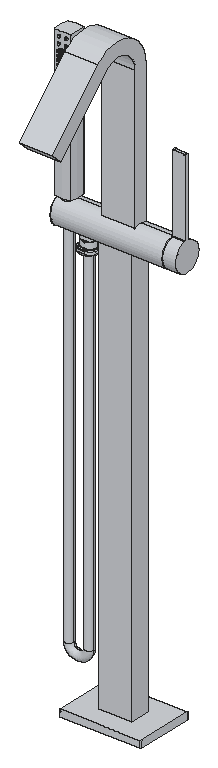
Revit family "Faucet-Bath_Filler-KOHLER-LOURE-K-8147T", category Plumbing Fixtures, host Face, Revit 2017 (continued)
Definition of nested family "K-8147T"
  Automatic sketch dimensions
    Extrusion 14 sketch curve to plane 17 "1" = 0.11675"  (x11)
    Extrusion 14 sketch curve to plane 17 "1" = 0.12403"
    Extrusion 14 sketch curve to plane 10 = 0.12447"  (x2)
    Extrusion 14 sketch curve to Extrusion 14 sketch curve = 0.12091"  (x17)
    Extrusion 14 sketch curve to Extrusion 14 sketch curve = 0.12127"  (x6)
    Extrusion 14 sketch curve to Extrusion 14 sketch curve = 0.13503"  (x2)
    Extrusion 14 sketch curve to Extrusion 14 sketch curve = 0.1333"  (x2)
    Extrusion 14 sketch curve to Extrusion 14 sketch curve = 0.12732"  (x2)
    plane 10 to Extrusion 14 sketch curve = 0.01143"
    plane 10 to Extrusion 14 sketch curve = 0.13235"  (x2)
    Extrusion 14 sketch curve to Extrusion 14 sketch curve = 0.13705"  (x2)
    Extrusion 14 sketch curve to Extrusion 14 sketch curve = 0.13741"
    Extrusion 14 sketch curve to Extrusion 14 sketch curve = 0.13548"  (x2)
    Extrusion 14 sketch curve to Extrusion 14 sketch curve = 0.13583"
    Extrusion 14 sketch curve to Extrusion 14 sketch curve = 0.13488"  (x2)
    Extrusion 14 sketch curve to Extrusion 14 sketch curve = 0.13523"
    Extrusion 14 sketch curve to Extrusion 14 sketch curve = 0.13406"  (x2)
    Extrusion 14 sketch curve to Extrusion 14 sketch curve = 0.13442"
    Extrusion 14 sketch curve to Extrusion 14 sketch curve = 0.13455"  (x2)
    Extrusion 14 sketch curve to Extrusion 14 sketch curve = 0.13491"
    Extrusion 14 sketch curve to Extrusion 14 sketch curve = 0.13465"  (x2)
    Extrusion 14 sketch curve to Extrusion 14 sketch curve = 0.13501"
    Extrusion 14 sketch curve to Extrusion 14 sketch curve = 0.13075"  (x2)
    Extrusion 14 sketch curve to Extrusion 14 sketch curve = 0.13111"
    Masking region 1 sketch curve to plane 21 = 0"  (x2)
    Masking region 1 sketch curve to plane 4 = 0"  (x2)
    plane 7 to Masking region 1 sketch curve = 0"  (x2)
    Masking region 1 sketch curve to plane 6 = 0"
    Masking region 1 sketch curve to plane 3 "Center (Left/Right)" = 0"
    plane 3 "Center (Left/Right)" to Masking region 1 sketch curve = 1.04331"
    Masking region 1 sketch curve to plane 5 = 0"  (x2)
    plane 1 "Center (Front/Back)" to Masking region 1 sketch curve = 0"
    Masking region 1 sketch curve to plane 20 = 0"
    Masking region 1 sketch curve to Masking region 1 sketch curve = 0.02087"  (x3)
    plane 4 to Masking region 1 sketch curve = 0.03937"
    Masking region 1 sketch curve to Masking region 1 sketch curve = 0.03937"  (x3)
    Masking region 1 sketch curve to plane 1 "Center (Front/Back)" = 0"
    Masking region 1 sketch curve to plane 3 "Center (Left/Right)" = 0.67282"
    plane 26 to Masking region 1 sketch curve = 0.25591"  (x2)
    Masking region 1 sketch curve to Masking region 1 sketch curve = 0.01969"  (x2)
    plane 20 to Masking region 1 sketch curve = 0.02087"
    plane 16 to Masking region 1 sketch curve = 0.35435"
    plane 16 to Masking region 1 sketch curve = 0.35433"
    Masking region 1 sketch curve to Masking region 1 sketch curve = 0"  (x2)
    Masking region 1 sketch curve to Masking region 1 sketch curve = 0.03121"
    Masking region 1 sketch curve to plane 16 = 0.04118"
    plane 15 to Masking region 1 sketch curve = 0.32313"
    plane 15 to Masking region 1 sketch curve = 0.33346"
    plane 15 to Masking region 1 sketch curve = 0.33348"
    Masking region 1 sketch curve to plane 12 = 0.30779"
    Masking region 1 sketch curve to plane 3 "Center (Left/Right)" = 1.04331"
    Masking region 2 sketch curve to plane 13 = 0"  (x2)
    Masking region 2 sketch curve to plane 23 = 0"
    Masking region 2 sketch curve to plane 21 = 0"
    plane 24 to Masking region 2 sketch curve = 0"
    Masking region 2 sketch curve to level = 0"
    Masking region 2 sketch curve to plane 4 = 0"
    plane 5 to Masking region 2 sketch curve = 0"
    Masking region 2 sketch curve to plane 18 = 0"
    plane 20 to Masking region 2 sketch curve = 0"
    Masking region 2 sketch curve to plane 14 = 0"
    plane 21 to Masking region 2 sketch curve = 0.05568"
    plane 21 to Masking region 2 sketch curve = 0.05906"
    Masking region 2 sketch curve to Masking region 2 sketch curve = 0.06091"
    Masking region 2 sketch curve to Masking region 2 sketch curve = 0.0057"
    Masking region 2 sketch curve to Masking region 2 sketch curve = 0.03206"
    plane 21 to Masking region 2 sketch curve = 0.23622"
    plane 17 "1" to Masking region 2 sketch curve = 0.05588"
    Masking region 2 sketch curve to plane 17 "1" = 0.27559"
    plane 24 to Masking region 2 sketch curve = 0.13615"
    Masking region 2 sketch curve to plane 13 = 0.0315"  (x2)
    plane 24 to Masking region 2 sketch curve = 0.13042"
    Masking region 2 sketch curve to plane 24 = 0.08858"
    Masking region 2 sketch curve to Masking region 2 sketch curve = 0"  (x5)
    Masking region 2 sketch curve to plane 24 = 0.09257"
    Masking region 2 sketch curve to Masking region 2 sketch curve = 0.02462"  (x2)
    Masking region 2 sketch curve to Masking region 2 sketch curve = 0.01475"  (x4)
    Masking region 2 sketch curve to Masking region 2 sketch curve = 0.03937"  (x3)
    Masking region 2 sketch curve to Masking region 2 sketch curve = 0.06785"  (x3)
    Masking region 2 sketch curve to plane 4 = 0.09055"
    Masking region 2 sketch curve to Masking region 2 sketch curve = 0.02431"  (x3)
    Masking region 2 sketch curve to plane 4 = 0.02564"
    plane 4 to Masking region 2 sketch curve = 0.01706"
    Masking region 2 sketch curve to Masking region 2 sketch curve = 0.03933"
    Masking region 2 sketch curve to plane 19 = 0.43903"
    Masking region 2 sketch curve to Masking region 2 sketch curve = 0.0406"
    plane 8 to Masking region 2 sketch curve = 0.00119"
    Masking region 2 sketch curve to plane 3 "Center (Left/Right)" = 1.04331"  (x2)
    level to Masking region 2 sketch curve = 0.43307"
    plane 3 "Center (Left/Right)" to Masking region 2 sketch curve = 1.04331"  (x2)
    plane 5 to Masking region 2 sketch curve = 0.05639"
    plane 5 to Masking region 2 sketch curve = 0.01706"
    plane 26 to Masking region 2 sketch curve = 0.25591"  (x2)
    Masking region 2 sketch curve to plane 18 = 0.05906"
    plane 26 to Masking region 2 sketch curve = 0.27559"
    Masking region 2 sketch curve to Masking region 2 sketch curve = 0.01969"  (x3)
    plane 20 to Masking region 2 sketch curve = 0.40533"
    Masking region 2 sketch curve to Masking region 2 sketch curve = 0.05906"
    plane 20 to Masking region 2 sketch curve = 0.02362"
    level to Masking region 2 sketch curve = 0.3937"
    Masking region 2 sketch curve to Masking region 2 sketch curve = 0.0017"
    Masking region 2 sketch curve to Masking region 2 sketch curve = 2.76352"
    Masking region 2 sketch curve to Masking region 2 sketch curve = 0.00033"
    Masking region 2 sketch curve to plane 11 = 1.90508"
    Masking region 2 sketch curve to Masking region 2 sketch curve = 0.16033"
    Masking region 2 sketch curve to Masking region 2 sketch curve = 0.16921"  (x2)
    Masking region 2 sketch curve to Masking region 2 sketch curve = 0.03337"  (x2)
    Masking region 2 sketch curve to Masking region 2 sketch curve = 0.34252"  (x2)
    Masking region 2 sketch curve to Masking region 2 sketch curve = 0.05578"  (x2)
    Masking region 2 sketch curve to plane 11 = 0.90553"
    Masking region 2 sketch curve to Masking region 2 sketch curve = 0.1063"  (x2)
    Masking region 2 sketch curve to plane 11 = 0.90551"
    Masking region 2 sketch curve to Masking region 2 sketch curve = 0.03121"
    Masking region 2 sketch curve to Masking region 2 sketch curve = 0.00206"
    Masking region 2 sketch curve to Masking region 2 sketch curve = 0.03639"
    Masking region 2 sketch curve to Masking region 2 sketch curve = 0.06093"
    Masking region 2 sketch curve to plane 13 = 0.15133"
    Masking region 2 sketch curve to Masking region 2 sketch curve = 0.0312"
    Masking region 2 sketch curve to plane 13 = 0.0374"
    plane 21 to Masking region 2 sketch curve = 0.00023"
    Masking region 2 sketch curve to Masking region 2 sketch curve = 0.07553"
    curve 118 to curve 119 = 0"  (x2)
    curve 118 to curve 260 = 0"  (x2)
    curve 118 to curve 261 = 0"  (x2)
    curve 120 to curve 121 = 0"  (x2)
    curve 120 to curve 272 = 0"  (x2)
    curve 120 to curve 274 = 0"  (x2)
    curve 122 to curve 123 = 0"  (x2)
    curve 122 to curve 268 = 0"  (x2)
    curve 122 to curve 270 = 0"  (x2)
    curve 124 to curve 125 = 0"  (x2)
    curve 124 to curve 256 = 0"  (x2)
    curve 124 to curve 257 = 0"  (x2)
    curve 126 to curve 127 = 0"  (x2)
    curve 126 to curve 264 = 0"  (x2)
    curve 126 to curve 265 = 0"  (x2)
    curve 128 to curve 129 = 0"  (x2)
    curve 128 to curve 276 = 0"  (x2)
    curve 128 to curve 277 = 0"  (x2)
    curve 130 to curve 131 = 0"  (x2)
    curve 130 to curve 300 = 0"  (x2)
    curve 130 to curve 302 = 0"  (x2)
    curve 132 to curve 133 = 0"  (x2)
    curve 132 to curve 288 = 0"  (x2)
    curve 132 to curve 289 = 0"  (x2)
    curve 134 to curve 135 = 0"  (x2)
    curve 134 to curve 280 = 0"  (x2)
    curve 134 to curve 282 = 0"  (x2)
    curve 136 to curve 137 = 0"  (x2)
    curve 136 to curve 284 = 0"  (x2)
    curve 136 to curve 286 = 0"  (x2)
    curve 138 to curve 139 = 0"  (x2)
    curve 138 to curve 296 = 0"  (x2)
    curve 138 to curve 297 = 0"  (x2)
    curve 140 to curve 141 = 0"  (x2)
    curve 140 to curve 304 = 0"  (x2)
    curve 140 to curve 305 = 0"  (x2)
    curve 142 to curve 143 = 0"  (x2)
    curve 142 to curve 308 = 0"  (x2)
    curve 142 to curve 309 = 0"  (x2)
    curve 144 to curve 145 = 0"  (x2)
    curve 144 to curve 292 = 0"  (x2)
    curve 144 to curve 293 = 0"  (x2)
    curve 146 to curve 147 = 0"  (x2)
    curve 146 to curve 312 = 0"  (x2)
    curve 146 to curve 313 = 0"  (x2)
    curve 148 to curve 149 = 0"  (x2)
    curve 148 to curve 316 = 0"
    curve 148 to curve 317 = 0"  (x2)
    curve 148 to curve 354 = 0"
    curve 148 to curve 355 = 0"
    curve 150 to curve 151 = 0"  (x2)
    curve 150 to curve 318 = 0"  (x2)
    curve 150 to curve 319 = 0"
    curve 150 to curve 366 = 0"
    curve 150 to curve 368 = 0"
    curve 152 to curve 153 = 0"  (x2)
    curve 152 to curve 320 = 0"
    curve 152 to curve 321 = 0"
    curve 152 to curve 362 = 0"
    curve 152 to curve 364 = 0"
    curve 153 to curve 362 = 0"
    curve 154 to curve 155 = 0"  (x2)
    curve 154 to curve 322 = 0"  (x2)
    curve 154 to curve 323 = 0"
    curve 154 to curve 350 = 0"
    curve 154 to curve 351 = 0"
    curve 156 to curve 157 = 0"  (x2)
    curve 156 to curve 324 = 0"  (x2)
    curve 156 to curve 325 = 0"
    curve 156 to curve 358 = 0"
    curve 156 to curve 359 = 0"
    curve 158 to curve 159 = 0"  (x2)
    curve 160 to curve 161 = 0"  (x2)
    curve 162 to curve 163 = 0"  (x2)
    curve 164 to curve 165 = 0"  (x2)
    curve 166 to curve 167 = 0"  (x2)
    curve 168 to curve 169 = 0"  (x2)
    curve 170 to curve 171 = 0"  (x2)
    curve 172 to curve 173 = 0"  (x2)
    curve 174 to curve 175 = 0"  (x2)
    curve 176 to curve 177 = 0"  (x2)
    curve 178 to curve 179 = 0"  (x2)
    curve 178 to curve 410 = 0"
    curve 178 to curve 411 = 0"
    curve 178 to curve 448 = 0"
    curve 178 to curve 449 = 0"
    curve 179 to curve 451 = 0"
    curve 180 to curve 181 = 0"  (x2)
    curve 180 to curve 412 = 0"
    curve 180 to curve 413 = 0"
    curve 180 to curve 460 = 0"
    curve 180 to curve 462 = 0"
    curve 181 to curve 463 = 0"
    curve 182 to curve 183 = 0"  (x2)
    curve 182 to curve 414 = 0"
    curve 182 to curve 415 = 0"
    curve 182 to curve 456 = 0"
    curve 182 to curve 458 = 0"
    curve 183 to curve 459 = 0"
    curve 184 to curve 185 = 0"  (x2)
    curve 184 to curve 416 = 0"
    curve 184 to curve 417 = 0"
    curve 184 to curve 444 = 0"
    curve 184 to curve 445 = 0"
    curve 185 to curve 444 = 0"
    curve 186 to curve 187 = 0"  (x2)
    curve 186 to curve 418 = 0"  (x2)
    curve 186 to curve 419 = 0"
    curve 186 to curve 452 = 0"
    curve 186 to curve 453 = 0"
    curve 188 to curve 189 = 0"  (x2)
    curve 190 to curve 191 = 0"  (x2)
    curve 192 to curve 193 = 0"  (x2)
    curve 194 to curve 195 = 0"  (x2)
    curve 196 to curve 197 = 0"  (x2)
    curve 198 to curve 199 = 0"  (x2)
    curve 200 to curve 201 = 0"  (x2)
    curve 202 to curve 203 = 0"  (x2)
    curve 204 to curve 205 = 0"  (x2)
    curve 206 to curve 207 = 0"  (x2)
    curve 208 to curve 209 = 0"  (x2)
    curve 208 to curve 542 = 0"
    curve 208 to curve 543 = 0"
    curve 209 to curve 545 = 0"
    curve 210 to curve 211 = 0"  (x2)
    curve 210 to curve 506 = 0"
    curve 210 to curve 507 = 0"
    curve 210 to curve 554 = 0"  (x2)
    curve 212 to curve 213 = 0"  (x2)
    curve 212 to curve 508 = 0"  (x2)
    curve 212 to curve 509 = 0"
    curve 212 to curve 550 = 0"
    curve 214 to curve 215 = 0"  (x2)
    curve 214 to curve 510 = 0"  (x2)
    curve 214 to curve 511 = 0"
    curve 214 to curve 538 = 0"
    curve 214 to curve 539 = 0"
    curve 216 to curve 217 = 0"  (x2)
    curve 216 to curve 512 = 0"
    curve 216 to curve 513 = 0"
    curve 216 to curve 546 = 0"
    curve 217 to curve 549 = 0"
    curve 218 to curve 219 = 0"  (x2)
    curve 220 to curve 221 = 0"  (x2)
    curve 222 to curve 223 = 0"  (x2)
    curve 224 to curve 225 = 0"  (x2)
    curve 226 to curve 227 = 0"  (x2)
    curve 228 to curve 229 = 0"  (x2)
    curve 230 to curve 231 = 0"  (x2)
    curve 232 to curve 236 = 0"  (x2)
    curve 241 to curve 242 = 0"  (x2)
    curve 244 to curve 248 = 0"  (x2)
    curve 250 to curve 255 = 0"  (x2)
    curve 316 to curve 317 = 0"
    curve 316 to curve 354 = 0"
    curve 316 to curve 355 = 0"
    curve 318 to curve 319 = 0"
    curve 318 to curve 366 = 0"
    curve 318 to curve 368 = 0"
    curve 320 to curve 321 = 0"
    curve 320 to curve 362 = 0"
    curve 320 to curve 364 = 0"
    curve 322 to curve 323 = 0"
    curve 322 to curve 350 = 0"
    curve 322 to curve 351 = 0"
    curve 324 to curve 325 = 0"
    curve 324 to curve 358 = 0"
    curve 324 to curve 359 = 0"
    curve 326 to curve 327 = 0"  (x2)
    curve 326 to curve 370 = 0"  (x2)
    curve 326 to curve 371 = 0"  (x2)
    curve 328 to curve 329 = 0"  (x2)
    curve 328 to curve 394 = 0"  (x2)
    curve 328 to curve 396 = 0"  (x2)
    curve 330 to curve 331 = 0"  (x2)
    curve 330 to curve 382 = 0"  (x2)
    curve 330 to curve 383 = 0"  (x2)
    curve 332 to curve 333 = 0"  (x2)
    curve 332 to curve 374 = 0"  (x2)
    curve 332 to curve 376 = 0"  (x2)
    curve 334 to curve 335 = 0"  (x2)
    curve 334 to curve 378 = 0"  (x2)
    curve 334 to curve 380 = 0"  (x2)
    curve 336 to curve 337 = 0"  (x2)
    curve 336 to curve 390 = 0"  (x2)
    curve 336 to curve 391 = 0"  (x2)
    curve 338 to curve 339 = 0"  (x2)
    curve 338 to curve 398 = 0"  (x2)
    curve 338 to curve 399 = 0"  (x2)
    curve 340 to curve 341 = 0"  (x2)
    curve 340 to curve 402 = 0"  (x2)
    curve 340 to curve 403 = 0"  (x2)
    curve 342 to curve 343 = 0"  (x2)
    curve 342 to curve 386 = 0"  (x2)
    curve 342 to curve 387 = 0"  (x2)
    curve 344 to curve 345 = 0"  (x2)
    curve 344 to curve 406 = 0"  (x2)
    curve 344 to curve 407 = 0"  (x2)
    curve 346 to curve 347 = 0"  (x2)
    curve 348 to curve 349 = 0"  (x2)
    curve 410 to curve 411 = 0"
    curve 410 to curve 448 = 0"
    curve 410 to curve 449 = 0"
    curve 412 to curve 413 = 0"
    curve 412 to curve 460 = 0"
    curve 412 to curve 462 = 0"
    curve 414 to curve 415 = 0"
    curve 414 to curve 456 = 0"
    curve 414 to curve 458 = 0"
    curve 416 to curve 417 = 0"
    curve 416 to curve 444 = 0"
    curve 416 to curve 445 = 0"
    curve 418 to curve 419 = 0"
    curve 418 to curve 452 = 0"
    curve 418 to curve 453 = 0"
    curve 420 to curve 421 = 0"  (x2)
    curve 420 to curve 464 = 0"  (x2)
    curve 420 to curve 465 = 0"  (x2)
    curve 422 to curve 423 = 0"  (x2)
    curve 422 to curve 488 = 0"  (x2)
    curve 422 to curve 490 = 0"  (x2)
    curve 424 to curve 425 = 0"  (x2)
    curve 424 to curve 476 = 0"  (x2)
    curve 424 to curve 477 = 0"  (x2)
    curve 426 to curve 427 = 0"  (x2)
    curve 426 to curve 468 = 0"  (x2)
    curve 426 to curve 470 = 0"  (x2)
    curve 428 to curve 429 = 0"  (x2)
    curve 428 to curve 472 = 0"  (x2)
    curve 428 to curve 474 = 0"  (x2)
    curve 430 to curve 431 = 0"  (x2)
    curve 430 to curve 484 = 0"  (x2)
    curve 430 to curve 485 = 0"  (x2)
    curve 432 to curve 433 = 0"  (x2)
    curve 432 to curve 492 = 0"  (x2)
    curve 432 to curve 493 = 0"  (x2)
    curve 434 to curve 435 = 0"  (x2)
    curve 434 to curve 496 = 0"  (x2)
    curve 434 to curve 497 = 0"  (x2)
    curve 436 to curve 437 = 0"  (x2)
    curve 436 to curve 480 = 0"  (x2)
    curve 436 to curve 481 = 0"  (x2)
    curve 438 to curve 439 = 0"  (x2)
    curve 438 to curve 500 = 0"  (x2)
    curve 438 to curve 501 = 0"  (x2)
    curve 440 to curve 441 = 0"  (x2)
    curve 442 to curve 443 = 0"  (x2)
    curve 504 to curve 505 = 0"
    curve 504 to curve 542 = 0"
    curve 506 to curve 507 = 0"
    curve 506 to curve 554 = 0"
    curve 508 to curve 509 = 0"
    curve 508 to curve 550 = 0"
    curve 510 to curve 511 = 0"
    curve 510 to curve 538 = 0"
    curve 512 to curve 513 = 0"
    curve 512 to curve 546 = 0"
    curve 514 to curve 515 = 0"  (x2)
    curve 514 to curve 558 = 0"  (x2)
    curve 516 to curve 517 = 0"  (x2)
    curve 516 to curve 582 = 0"  (x2)
    curve 518 to curve 519 = 0"  (x2)
    curve 518 to curve 570 = 0"  (x2)
    curve 520 to curve 521 = 0"  (x2)
    curve 520 to curve 562 = 0"  (x2)
    curve 522 to curve 523 = 0"  (x2)
    curve 522 to curve 566 = 0"  (x2)
    curve 524 to curve 525 = 0"  (x2)
    curve 524 to curve 578 = 0"  (x2)
    curve 528 to curve 529 = 0"  (x2)
    curve 530 to curve 531 = 0"  (x2)
    curve 530 to curve 574 = 0"  (x2)
    curve 532 to curve 533 = 0"  (x2)
    curve 534 to curve 535 = 0"  (x2)
    curve 536 to curve 537 = 0"  (x2)
    curve 540 to curve 541 = 0"
    curve 544 to curve 545 = 0"
    curve 548 to curve 549 = 0"  (x2)
    curve 551 to curve 553 = 0"  (x2)
    curve 555 to curve 557 = 0"  (x2)
    curve 560 to curve 561 = 0"  (x2)
    curve 563 to curve 565 = 0"  (x2)
    curve 567 to curve 569 = 0"  (x2)
    curve 572 to curve 573 = 0"  (x2)
    curve 576 to curve 577 = 0"  (x2)
    curve 580 to curve 581 = 0"  (x2)
    curve 583 to curve 585 = 0"  (x2)
    curve 111 to plane 13 = 0"
    curve 111 to plane 23 = 0"
    curve 114 to plane 14 = 0"
    curve 113 to plane 14 = 0"
    plane 17 "1" to curve 321 = 0"
    plane 17 "1" to curve 402 = 0"
    plane 17 "1" to curve 223 = 0"
    plane 17 "1" to curve 499 = 0"
    plane 17 "1" to curve 203 = 0"
    plane 17 "1" to curve 132 = 0"
    plane 17 "1" to curve 330 = 0"
    plane 17 "1" to curve 213 = 0"
    plane 17 "1" to curve 456 = 0"
    plane 17 "1" to curve 529 = 0"
    plane 17 "1" to curve 479 = 0"
    plane 17 "1" to curve 172 = 0"
    plane 17 "1" to curve 123 = 0"
    plane 17 "1" to curve 519 = 0"
    plane 17 "1" to curve 142 = 0"
    plane 17 "1" to curve 193 = 0"
    plane 17 "1" to curve 162 = 0"
    plane 17 "1" to curve 109 = 0"
    curve 115 to plane 14 = 0"
    curve 116 to plane 14 = 0"
    plane 24 to curve 111 = 0"
    curve 68 to level = 0"
    curve 71 to plane 3 "Center (Left/Right)" = 0"
    curve 70 to level = 0"
    curve 90 to plane 18 = 0"
    plane 20 to curve 88 = 0"
    plane 21 to curve 106 = 0.05568"
    curve 106 to curve 107 = 0.16919"
    curve 103 to curve 102 = 0.20526"
    plane 17 "1" to curve 409 = 0.24238"
    plane 10 to curve 475 = 0.01738"
    plane 17 "1" to curve 475 = 0.24238"
    plane 17 "1" to curve 502 = 0.24238"
    plane 17 "1" to curve 533 = 0.24238"
    plane 17 "1" to curve 418 = 0.24238"
    plane 17 "1" to curve 216 = 0.24238"
    plane 17 "1" to curve 379 = 0.24238"
    curve 344 to curve 177 = 0"
    plane 17 "1" to curve 361 = 0.24238"
    plane 17 "1" to curve 523 = 0.24238"
    plane 17 "1" to curve 266 = 0.24238"
    curve 522 to curve 227 = 0"
    curve 428 to curve 196 = 0"
    plane 17 "1" to curve 315 = 0.24238"
    plane 17 "1" to curve 136 = 0.24238"
    curve 334 to curve 167 = 0"
    curve 438 to curve 207 = 0"
    plane 17 "1" to curve 233 = 0.22441"
    plane 17 "1" to curve 246 = 0.22441"
    curve 233 to curve 233 = 0.05512"
    curve 244 to curve 246 = 0.05512"
    curve 234 to curve 235 = 0.02362"
    curve 245 to curve 247 = 0.02362"
    plane 17 "1" to curve 230 = 0.12403"
    plane 17 "1" to curve 510 = 0.11675"
    plane 17 "1" to curve 195 = 0.11675"
    plane 17 "1" to curve 389 = 0.11675"
    plane 17 "1" to curve 256 = 0.11675"
    curve 470 to curve 194 = 0"
    plane 17 "1" to curve 520 = 0.11675"
    plane 17 "1" to curve 204 = 0.11675"
    plane 17 "1" to curve 416 = 0.11675"
    curve 230 to curve 577 = 0.00728"
    plane 17 "1" to curve 377 = 0.11675"
    curve 436 to curve 204 = 0"
    curve 442 to curve 214 = 0"
    curve 342 to curve 175 = 0"
    plane 17 "1" to curve 353 = 0.11675"
    curve 349 to curve 184 = 0"
    curve 332 to curve 165 = 0"
    plane 17 "1" to curve 134 = 0.11675"
    plane 17 "1" to curve 144 = 0.11675"
    plane 17 "1" to curve 536 = 0.11675"
    curve 520 to curve 224 = 0"
    curve 110 to plane 17 "1" = 0.01294"
    curve 464 to plane 17 "1" = 0.11675"
    curve 515 to plane 17 "1" = 0.11675"
    curve 199 to plane 17 "1" = 0.11675"
    curve 393 to plane 17 "1" = 0.11675"
    curve 505 to plane 17 "1" = 0.11675"
    curve 581 to plane 17 "1" = 0.11675"
    curve 260 to plane 17 "1" = 0.11675"
    curve 410 to plane 17 "1" = 0.11675"
    curve 420 to curve 189 = 0"
    curve 373 to plane 17 "1" = 0.11675"
    curve 357 to plane 17 "1" = 0.11675"
    curve 430 to curve 198 = 0"
    curve 347 to curve 178 = 0"
    curve 440 to curve 208 = 0"
    curve 336 to curve 169 = 0"
    curve 534 to plane 17 "1" = 0.11675"
    curve 514 to curve 218 = 0"
    curve 128 to plane 17 "1" = 0.11675"
    curve 138 to plane 17 "1" = 0.11675"
    curve 326 to curve 159 = 0"
    curve 524 to curve 228 = 0.00728"
    curve 252 to plane 17 "1" = 0.14567"
    curve 238 to plane 17 "1" = 0.14567"
    curve 254 to curve 253 = 0.02362"
    curve 239 to curve 239 = 0.02362"
    curve 254 to curve 255 = 0.05512"
    curve 239 to curve 243 = 0.05512"
    curve 118 to curve 275 = 0.12563"
    curve 198 to curve 433 = 0.12563"
    curve 158 to curve 396 = 0.12563"
    curve 168 to curve 339 = 0.12563"
    curve 148 to curve 369 = 0.12563"
    plane 10 to curve 423 = 0.01738"
    curve 188 to curve 423 = 0.12563"
    curve 208 to curve 506 = 0.12563"
    curve 128 to curve 300 = 0.12563"
    curve 218 to curve 516 = 0.12563"
    curve 178 to curve 463 = 0.12563"
    curve 138 to curve 307 = 0.12563"
    curve 516 to curve 221 = 0"
    curve 432 to curve 201 = 0"
    curve 422 to curve 191 = 0"
    curve 338 to curve 171 = 0"
    curve 328 to curve 161 = 0"
    curve 82 to plane 13 = 0.14031"
    curve 82 to plane 3 "Center (Left/Right)" = 1.04331"
    curve 83 to plane 3 "Center (Left/Right)" = 1.04331"
    plane 10 to curve 75 = 0.22445"
    curve 75 to plane 3 "Center (Left/Right)" = 0.97967"
    curve 75 to curve 80 = 0.01969"
    curve 75 to curve 79 = 0.01969"
    plane 10 to curve 78 = 0.22445"
    plane 3 "Center (Left/Right)" to curve 78 = 0.96915"
    curve 81 to curve 81 = 0.01969"
    plane 3 "Center (Left/Right)" to curve 87 = 1.04331"
    plane 3 "Center (Left/Right)" to curve 84 = 1.04331"
    plane 20 to curve 112 = 0.40533"
    level to curve 69 = 0.3954"
    curve 112 to plane 11 = 1.14179"
    curve 103 to plane 11 = 0.84897"
    curve 103 to curve 102 = 0.00466"
    curve 85 to plane 11 = 0.65667"
    curve 107 to plane 13 = 0.08804"
    curve 108 to plane 13 = 0.0374"
    plane 13 to curve 110 = 0.91763"
    plane 18 to curve 536 = 0.45269"
    curve 534 to curve 536 = 0"
    curve 530 to curve 230 = 0.00514"
    curve 524 to curve 229 = 0.00514"
    curve 578 to curve 220 = 0.13246"
    curve 574 to curve 227 = 0.13246"
    curve 574 to curve 223 = 17/128"
    curve 226 to curve 566 = 0.00219"
    curve 220 to curve 582 = 0.00219"
    curve 222 to curve 518 = 0.00219"
    curve 570 to curve 225 = 0.11872"
    curve 570 to curve 218 = 0.11872"
    curve 224 to curve 564 = 0.00219"
    curve 218 to curve 561 = 0.00219"
    curve 562 to curve 547 = 0.13075"
    curve 558 to curve 506 = 0.13075"
    curve 558 to curve 553 = 0.13111"
    curve 552 to curve 545 = 0.12091"
    curve 552 to curve 510 = 0.12091"
    curve 208 to curve 440 = 0.00732"
    curve 214 to curve 442 = 0.00732"
    curve 539 to curve 207 = 0.13468"
    curve 542 to curve 200 = 0.13468"
    curve 542 to curve 203 = 0.13503"
    curve 76 to plane 10 = 0.24065"
    curve 206 to curve 439 = 0.0072"
    curve 200 to curve 433 = 0.0072"
    curve 202 to curve 496 = 0.0072"
    curve 205 to plane 10 = 0.12447"
    curve 199 to plane 10 = 0.12447"
    curve 204 to curve 480 = 0.0072"
    curve 198 to curve 487 = 0.0072"
    curve 196 to curve 428 = 0.0063"
    curve 190 to curve 422 = 0.0063"
    plane 10 to curve 192 = 0.01143"
    curve 192 to curve 478 = 0.0063"
    curve 476 to curve 195 = 0.11461"
    curve 476 to curve 189 = 0.11461"
    curve 194 to curve 469 = 0.0063"
    curve 188 to curve 466 = 0.0063"
    curve 468 to curve 419 = 0.13075"
    curve 464 to curve 413 = 0.13075"
    curve 468 to curve 414 = 0.13111"
    curve 458 to curve 444 = 0.12091"
    curve 458 to curve 178 = 0.12091"
    curve 178 to curve 346 = 0.00446"
    curve 184 to curve 348 = 0.00446"
    curve 445 to curve 176 = 0.13548"
    curve 448 to curve 170 = 0.13548"
    curve 448 to curve 172 = 0.13583"
    curve 170 to curve 399 = 0.00353"
    curve 176 to curve 406 = 0.00353"
    curve 172 to curve 405 = 0.00353"
    curve 403 to curve 175 = 0.11738"
    curve 403 to curve 168 = 0.11738"
    curve 174 to curve 388 = 0.00353"
    curve 168 to curve 336 = 0.00353"
    curve 390 to curve 160 = 0.13134"
    curve 386 to curve 166 = 0.13134"
    curve 386 to curve 162 = 0.1317"
    curve 160 to curve 395 = 0.00331"
    curve 166 to curve 335 = 0.00331"
    curve 162 to curve 385 = 0.00331"
    curve 382 to curve 159 = 0.1176"
    curve 382 to curve 164 = 0.1176"
    curve 164 to curve 377 = 0.00331"
    curve 158 to curve 373 = 0.00331"
    curve 370 to curve 367 = 0.13075"
    curve 374 to curve 361 = 0.13075"
    curve 370 to curve 152 = 0.13111"
    curve 364 to curve 356 = 0.12091"
    curve 364 to curve 353 = 0.12091"
    curve 351 to curve 314 = 0.13455"
    curve 354 to curve 141 = 0.13455"
    curve 354 to curve 308 = 0.13491"
    curve 309 to curve 144 = 0.12091"
    curve 309 to curve 299 = 0.12091"
    curve 292 to curve 136 = 0.13465"
    curve 296 to curve 302 = 0.13465"
    curve 296 to curve 133 = 0.13501"
    curve 288 to curve 279 = 0.12091"
    curve 288 to curve 280 = 0.12091"
    curve 276 to curve 273 = 0.13075"
    curve 280 to curve 267 = 0.13075"
    curve 276 to curve 122 = 0.13111"
    curve 270 to curve 256 = 0.12091"
    curve 270 to curve 119 = 0.12091"
    curve 263 to curve 251 = 0.26985"
    curve 257 to curve 248 = 0.26985"
    curve 255 to curve 240 = 0.29134"
    curve 245 to curve 233 = 0.29134"
    curve 114 to plane 21 = 0.00325"
    plane 21 to curve 113 = 0.02329"
    curve 106 to curve 108 = 0.00338"
    curve 547 to curve 216 = 0.05906"
    curve 315 to curve 146 = 0.05906"
    curve 569 to curve 522 = 0.05906"
    curve 454 to curve 186 = 0.05906"
    curve 503 to curve 438 = 0.05906"
    curve 359 to curve 156 = 0.05906"
    curve 287 to curve 136 = 0.05906"
    curve 407 to curve 344 = 0.05906"
    curve 380 to curve 334 = 0.05906"
    curve 265 to curve 126 = 0.05906"
    curve 475 to curve 428 = 0.05906"
    curve 104 to curve 104 = 0.03626"
    curve 104 to curve 104 = 0.00067"
    curve 104 to curve 103 = 0.01087"
    curve 406 to curve 344 = 0.02559"
    curve 284 to curve 136 = 0.02559"
    curve 549 to curve 216 = 0.02559"
    curve 312 to curve 146 = 0.02559"
    curve 500 to curve 438 = 0.02559"
    curve 264 to curve 126 = 0.02559"
    curve 567 to curve 522 = 0.02559"
    curve 455 to curve 186 = 0.02559"
    curve 358 to curve 156 = 0.02559"
    curve 379 to curve 334 = 0.02559"
    curve 473 to curve 428 = 0.02559"
    curve 248 to curve 244 = 0.03937"
    curve 237 to curve 232 = 0.03937"
    curve 102 to curve 104 = 0.02028"
    curve 292 to curve 144 = 0.05906"
    curve 469 to curve 426 = 0.05906"
    curve 257 to curve 124 = 0.05906"
    curve 540 to curve 214 = 0.05906"
    curve 563 to curve 520 = 0.05906"
    curve 281 to curve 134 = 0.05906"
    curve 386 to curve 342 = 0.05906"
    curve 577 to curve 230 = 0.05178"
    curve 375 to curve 332 = 0.05906"
    curve 446 to curve 184 = 0.05906"
    curve 352 to curve 154 = 0.05906"
    curve 483 to curve 436 = 0.05906"
    curve 576 to curve 230 = 0.01831"
    curve 564 to curve 520 = 0.02559"
    curve 541 to curve 214 = 0.02559"
    curve 353 to curve 154 = 0.02559"
    curve 482 to curve 436 = 0.02559"
    curve 377 to curve 332 = 0.02559"
    curve 259 to curve 124 = 0.02559"
    curve 444 to curve 184 = 0.02559"
    curve 282 to curve 134 = 0.02559"
    curve 294 to curve 144 = 0.02559"
    curve 387 to curve 342 = 0.02559"
    curve 470 to curve 426 = 0.02559"
    curve 459 to curve 182 = 0.05906"
    curve 309 to curve 142 = 0.05906"
    curve 364 to curve 152 = 0.05906"
    curve 476 to curve 424 = 0.05906"
    curve 404 to curve 340 = 0.05906"
    curve 497 to curve 434 = 0.05906"
    curve 291 to curve 132 = 0.05906"
    curve 573 to curve 518 = 0.05906"
    curve 385 to curve 330 = 0.05906"
    curve 552 to curve 212 = 0.05906"
    curve 270 to curve 122 = 0.05906"
    curve 571 to curve 518 = 0.02559"
    curve 477 to curve 424 = 0.02559"
    curve 308 to curve 142 = 0.02559"
    curve 402 to curve 340 = 0.02559"
    curve 362 to curve 152 = 0.02559"
    plane 17 "1" to curve 268 = 0.02559"
    curve 289 to curve 132 = 0.02559"
    curve 550 to curve 212 = 0.02559"
    curve 383 to curve 330 = 0.02559"
    curve 457 to curve 182 = 0.02559"
    curve 496 to curve 434 = 0.02559"
    curve 370 to plane 17 "1" = 0.05769"
    curve 276 to plane 17 "1" = 0.05769"
    curve 260 to plane 17 "1" = 0.05769"
    curve 542 to plane 17 "1" = 0.05769"
    curve 299 to plane 17 "1" = 0.05769"
    curve 578 to plane 17 "1" = 0.05769"
    curve 448 to plane 17 "1" = 0.05769"
    curve 464 to plane 17 "1" = 0.05769"
    curve 487 to plane 17 "1" = 0.05769"
    curve 354 to plane 17 "1" = 0.05769"
    curve 393 to plane 17 "1" = 0.05769"
    curve 558 to plane 17 "1" = 0.05769"
    curve 560 to curve 514 = 0.02559"
    curve 262 to curve 118 = 0.02559"
    curve 392 to curve 336 = 0.02559"
    curve 278 to curve 128 = 0.02559"
    curve 371 to curve 326 = 0.02559"
    curve 355 to curve 148 = 0.02559"
    curve 544 to curve 208 = 0.02559"
    curve 450 to curve 178 = 0.02559"
    curve 298 to curve 138 = 0.02559"
    curve 466 to curve 420 = 0.02559"
    curve 580 to curve 524 = 0.02559"
    curve 485 to curve 430 = 0.02559"
    curve 275 to curve 120 = 0.05906"
    curve 557 to curve 506 = 0.05906"
    curve 395 to curve 328 = 0.05906"
    curve 369 to curve 150 = 0.05906"
    curve 307 to curve 140 = 0.05906"
    curve 495 to curve 432 = 0.05906"
    curve 398 to curve 338 = 0.05906"
    curve 583 to curve 516 = 0.05906"
    curve 489 to curve 422 = 0.05906"
    curve 300 to curve 130 = 0.05906"
    curve 462 to curve 180 = 0.05906"
    curve 251 to curve 250 = 0.03937"
    curve 241 to curve 243 = 0.03937"
    curve 493 to curve 432 = 0.02559"
    curve 366 to curve 150 = 0.02559"
    curve 461 to curve 180 = 0.02559"
    curve 273 to curve 120 = 0.02559"
    curve 555 to curve 506 = 0.02559"
    curve 303 to curve 130 = 0.02559"
    curve 490 to curve 422 = 0.02559"
    curve 396 to curve 328 = 0.02559"
    curve 400 to curve 338 = 0.02559"
    curve 305 to curve 140 = 0.02559"
    curve 584 to curve 516 = 0.02559"
    plane 24 to curve 102 = 0.13615"
    curve 117 to curve 109 = 0.02745"
    curve 109 to curve 110 = 0.01261"
    curve 110 to curve 115 = 0.02801"
    curve 115 to curve 116 = 0.02654"
    curve 99 to plane 24 = 0.09257"
    curve 100 to plane 24 = 0.09257"
    curve 99 to curve 98 = 0.02462"
    curve 98 to curve 97 = 0.08259"
    curve 94 to plane 4 = 0.09055"
    curve 92 to plane 4 = 0.09055"
    curve 97 to curve 96 = 0.02463"
    curve 94 to curve 95 = 0"
    curve 94 to curve 93 = 0.02431"
    plane 4 to curve 69 = 0.01706"
    plane 4 to curve 68 = 0.03937"
    curve 69 to curve 68 = 0.041"
    plane 4 to curve 101 = 0.1378"
    curve 101 to plane 19 = 0.27559"
    curve 93 to plane 19 = 0.47963"
    curve 93 to curve 95 = 0.02431"
    curve 95 to curve 96 = 0"
    curve 93 to curve 92 = 0.02431"
    curve 93 to curve 94 = 0.02431"
    curve 96 to curve 97 = 0.02462"
    curve 97 to curve 98 = 0.0826"
    curve 98 to curve 99 = 0.02462"
    curve 99 to curve 100 = 0"
    curve 73 to curve 80 = 0.08332"
    curve 72 to curve 74 = 0.08332"
    level to curve 67 = 0.43307"
    curve 67 to plane 3 "Center (Left/Right)" = 1.04331"
    curve 74 to curve 72 = 0.07416"
    plane 3 "Center (Left/Right)" to curve 67 = 1.04331"
    curve 81 to curve 73 = 0.07416"
    plane 5 to curve 70 = 0.05805"
    plane 5 to curve 70 = 0.03937"
    plane 5 to curve 71 = 0.01706"
    plane 26 to curve 91 = 0.25591"
    curve 91 to curve 88 = 0.01969"
    curve 112 to curve 112 = 0.07553"
    curve 112 to curve 112 = 0.15106"
    curve 105 to plane 18 = 0.01181"
    plane 20 to curve 105 = 0.02362"
    curve 89 to plane 13 = 0.00221"
    curve 89 to plane 20 = 0.00487"
    curve 71 to curve 70 = 0.03767"
    curve 69 to curve 68 = 0.03767"
    curve 101 to curve 104 = 0.91583"
    curve 101 to curve 100 = 0.03937"
    curve 100 to curve 99 = 0.16921"
    curve 99 to curve 98 = 0.0365"
    curve 98 to curve 97 = 0.03337"
    curve 97 to curve 96 = 0.04209"
    curve 85 to curve 83 = 0.48846"
    curve 96 to curve 95 = 0.33694"
    curve 95 to curve 93 = 0.05578"
    curve 93 to curve 94 = 0.01969"
    curve 84 to curve 83 = 0.27188"
    curve 112 to curve 112 = 0.23626"
    curve 105 to curve 112 = 0"
    curve 90 to curve 112 = 0"
    curve 90 to curve 91 = 0"
    curve 94 to curve 92 = 0.1063"
    curve 102 to curve 92 = 0"
    curve 88 to curve 89 = 0.03895"
    curve 88 to curve 91 = 0.00967"
    plane 13 to curve 86 = 0.14551"
    plane 13 to curve 87 = 0.25339"
    curve 73 to curve 81 = 0.06402"
    curve 74 to curve 72 = 0.06365"
    curve 526 to curve 527 = 0"  (x2)
    curve 578 to curve 526 = 0.06658"
    curve 527 to curve 578 = 0.12127"
    curve 208 to curve 504 = 0"
    curve 208 to curve 505 = 0"
    curve 534 to curve 527 = 0.13455"
    curve 529 to curve 574 = 0.12091"
    curve 528 to curve 578 = 0.12091"
    curve 533 to curve 574 = 0.12127"
    plane 17 "1" to curve 586 = 0"
    plane 17 "1" to curve 587 = 0"
    plane 17 "1" to curve 588 = 0"
    curve 589 to plane 18 = 1.01657"
    plane 21 to curve 588 = 0.24606"
    curve 586 to plane 18 = 0.50735"
    curve 587 to curve 586 = 0"  (x2)
    plane 18 to curve 586 = 0.04617"
    curve 588 to curve 590 = 0"  (x2)
    curve 588 to curve 591 = 0"  (x2)
    curve 592 to curve 588 = 0.03468"
    curve 591 to curve 590 = 0"
    curve 2 to curve 12 = 0"  (x2)
    curve 14 to curve 23 = 0"  (x2)
    curve 50 to plane 17 "1" = 0"
    plane 1 "Center (Front/Back)" to curve 60 = 0"
    curve 62 to plane 20 = 0"
    plane 17 "1" to curve 25 = 0.0001"
    plane 17 "1" to curve 31 = 0.0001"
    plane 16 to curve 34 = 0.01266"
    plane 17 "1" to curve 34 = 0.14567"
    plane 16 to curve 48 = 0.08378"
    curve 48 to curve 34 = 0.11157"
    curve 46 to curve 48 = 0.01859"
    curve 33 to curve 46 = 0.0256"
    plane 21 to curve 32 = 0.02791"
    plane 21 to curve 27 = 0.0279"
    curve 29 to plane 1 "Center (Front/Back)" = 0"
    curve 29 to plane 23 = 2.22088"
    plane 16 to curve 41 = 0.01266"
    curve 41 to plane 17 "1" = 0.14567"
    curve 40 to curve 51 = 0.10931"
    curve 51 to curve 49 = 0.02085"
    curve 49 to curve 33 = 0.0256"
    plane 24 to curve 30 = 0.06727"
    plane 24 to curve 28 = 0.06727"
    plane 4 to curve 6 = 0.01868"
    plane 4 to curve 3 = 0.01868"
    curve 6 to curve 10 = 0.01786"
    curve 2 to curve 11 = 0.01811"
    curve 9 to curve 9 = 0.02061"
    curve 12 to curve 12 = 0.02126"
    curve 9 to curve 7 = 0.0009"
    curve 56 to plane 15 = 0.11811"
    curve 56 to plane 3 "Center (Left/Right)" = 1.04331"
    curve 26 to plane 1 "Center (Front/Back)" = 0"
    curve 56 to curve 26 = 0.37049"
    curve 24 to plane 3 "Center (Left/Right)" = 0.04735"
    curve 5 to plane 6 = 0.01868"
    plane 3 "Center (Left/Right)" to curve 5 = 0.03837"
    plane 3 "Center (Left/Right)" to curve 55 = 1.04331"
    plane 5 to curve 24 = 0.05805"
    plane 5 to curve 18 = 0.05805"
    curve 18 to curve 20 = 0.0009"
    curve 14 to curve 22 = 0.02126"
    curve 20 to curve 21 = 0.02061"
    curve 21 to curve 17 = 0.01786"
    plane 26 to curve 52 = 0.25591"
    plane 16 to curve 58 = 0.35433"
    curve 7 to plane 7 = 0.05805"
    curve 17 to plane 7 = 0.05805"
    curve 10 to curve 6 = 0.00237"
    curve 21 to curve 18 = 0.00237"
    plane 7 to curve 25 = 0.90798"
    curve 49 to curve 45 = 0.02849"
    curve 32 to plane 16 = 0.06718"
    curve 30 to plane 16 = 0.06721"
    curve 28 to plane 15 = 0.06721"
    curve 27 to plane 15 = 0.06718"
    plane 15 to curve 52 = 0.35433"
    plane 6 to curve 31 = 0.90798"
    curve 38 to curve 34 = 0.03014"
    curve 36 to curve 38 = 0.00728"
    curve 37 to curve 36 = 0.00024"
    plane 21 to curve 32 = 0.02329"
    curve 31 to curve 32 = 0"
    plane 21 to curve 27 = 0.02328"
    curve 25 to curve 27 = 0"
    plane 21 to curve 741 = 0.02087"
    plane 21 to curve 742 = 0.02087"
    curve 26 to curve 32 = 0"
    curve 40 to curve 44 = 0.03014"
    curve 44 to curve 42 = 0.00728"
    curve 42 to curve 43 = 0.00024"
    curve 30 to curve 31 = 0"
    curve 28 to curve 25 = 0"
    curve 29 to curve 30 = 0"
    curve 52 to plane 24 = 0.1378"
    curve 54 to plane 4 = 0.11313"
    curve 58 to curve 62 = 0.01969"
    curve 62 to curve 64 = 0.02766"
    plane 20 to curve 65 = 0.02667"
    plane 20 to curve 66 = 0.02126"
    curve 65 to curve 63 = 0.0054"
    curve 61 to plane 20 = 0.00182"
    plane 16 to curve 6 = 0.35433"
    curve 742 to curve 47 = 0.25195"
    plane 16 to curve 66 = 0.35434"
    curve 59 to curve 53 = 0"
    plane 7 to curve 57 = 0.64961"
    plane 7 to curve 55 = 0.84642"
    curve 31 to curve 742 = 0.00091"
    plane 1 "Center (Front/Back)" to curve 64 = 0.09843"
    curve 61 to plane 1 "Center (Front/Back)" = 0.09843"
    curve 741 to curve 27 = 0.00091"
    plane 15 to curve 741 = 0.35433"
    curve 52 to curve 59 = 0"
    plane 15 to curve 63 = 0.35435"
    Extrusion 15 sketch curve to plane 4 = 0"
    Extrusion 15 sketch curve to plane 5 = 0"
    plane 7 to Extrusion 15 sketch curve = 0"
    Extrusion 15 sketch curve to plane 6 = 0"
    Revolve 16 sketch curve to plane 11 = 0"  (x2)
    Revolve 16 sketch curve to plane 21 = 0"
    plane 5 to Revolve 16 sketch curve = 0"
    plane 20 to Revolve 16 sketch curve = 0"
    Revolve 16 sketch curve to plane 11 = 0.90553"
    Revolve 16 sketch curve to Revolve 16 sketch curve = 0.76378"
    Extrusion 17 sketch curve to plane 18 = 0"
    plane 1 "Center (Front/Back)" to Extrusion 17 sketch curve = 0.09843"
    Extrusion 17 sketch curve to plane 1 "Center (Front/Back)" = 0.09843"
    Extrusion 17 sketch curve to plane 13 = 0.06557"
    plane 19 to Revolve 18 sketch curve = 0"  (x2)
    Revolve 18 sketch curve to Revolve 18 sketch curve = 0.63813"
    Revolve 18 sketch curve to plane 11 = 1.74357"
    Revolve 18 sketch curve to plane 11 = 0.73911"
    Revolve 18 sketch curve to Revolve 18 sketch curve = 0.34816"
    Revolve 18 sketch curve to Revolve 18 sketch curve = 0.04554"
    plane 1 "Center (Front/Back)" to Extrusion 19 sketch curve = 0"
    Extrusion 19 sketch curve to plane 17 "1" = 0"
    plane 16 to Extrusion 20 sketch curve = 0"
    Extrusion 20 sketch curve to plane 23 = 0"
    Extrusion 20 sketch curve to plane 24 = 0"
    Extrusion 20 sketch curve to plane 15 = 0"
    curve 675 to curve 688 = 0"  (x2)
    curve 739 to level = 0"
    curve 738 to level = 0"
    curve 675 to plane 1 "Center (Front/Back)" = 0"
    curve 675 to plane 11 = 0"
    curve 606 to plane 13 = 0"
    curve 603 to plane 16 = 0"  (x2)
    curve 600 to plane 16 = 0"
    curve 598 to plane 16 = 0"
    curve 597 to plane 16 = 0"
    curve 594 to plane 16 = 0"
    curve 606 to plane 14 = 0"
    curve 666 to plane 16 = 0"
    curve 593 to plane 15 = 0"
    curve 666 to plane 15 = 0"
    curve 735 to plane 1 "Center (Front/Back)" = 0"
    level to curve 735 = 2.55684"
    plane 16 to curve 723 = 0.04523"
    curve 723 to plane 11 = 1.74475"
    plane 15 to curve 706 = 0.04523"
    curve 706 to curve 723 = 0"
    curve 709 to curve 709 = 0.03937"
    curve 726 to curve 726 = 0.03937"
    curve 722 to curve 729 = 0.16921"
    plane 15 to curve 708 = 0.04523"
    curve 709 to curve 708 = 0.16921"
    plane 15 to curve 704 = 0.05998"
    curve 725 to curve 731 = 0.0365"
    curve 728 to plane 16 = 0.02262"
    curve 721 to curve 728 = 0.03337"
    curve 704 to plane 15 = 0.02262"
    curve 704 to curve 704 = 0.03337"
    curve 707 to plane 15 = 0.00787"
    curve 707 to curve 707 = 0.0365"
    curve 724 to plane 16 = 0.00787"
    curve 724 to curve 724 = 0.0365"
    curve 720 to curve 720 = 0.34252"
    curve 703 to curve 703 = 0.34252"
    curve 699 to plane 15 = 0.07155"
    curve 702 to curve 699 = 0.05578"
    curve 716 to plane 16 = 0.07155"
    curve 719 to curve 716 = 0.05578"
    curve 699 to plane 15 = 0.04724"
    curve 699 to curve 699 = 0.01969"
    curve 716 to plane 16 = 0.04724"
    curve 716 to curve 716 = 0.01969"
    curve 698 to curve 740 = 0.21685"
    curve 678 to plane 15 = 0.23622"
    curve 740 to curve 678 = 0.00571"
    curve 715 to curve 680 = 0.22256"
    curve 692 to plane 16 = 0.16916"
    curve 687 to curve 692 = 0.02229"
    curve 679 to plane 15 = 0.16916"
    curve 740 to curve 679 = 0.028"
    curve 686 to curve 684 = 0.02016"
    curve 679 to curve 674 = 0.02016"
    curve 694 to plane 11 = 0.3248"
    plane 11 to curve 683 = 0.00548"
    plane 11 to curve 671 = 0.00548"
    plane 11 to curve 681 = 0.13599"
    plane 11 to curve 669 = 0.13599"
    curve 690 to plane 13 = 0.17945"
    curve 677 to plane 13 = 0.17945"
    curve 673 to curve 676 = 0.02028"
    curve 685 to curve 689 = 0.02028"
    curve 685 to curve 690 = 0.03169"
    curve 673 to curve 677 = 0.03169"
    curve 605 to plane 18 = 1.01657"
    curve 605 to curve 604 = 0.00027"
    curve 603 to plane 18 = 0.23059"
    plane 16 to curve 664 = 0.05303"
    plane 18 to curve 664 = 0.6546"
    curve 664 to curve 665 = 0.11811"
    curve 663 to curve 659 = 0.00921"
    plane 16 to curve 660 = 0.05303"
    curve 658 to curve 660 = 0.23938"
    curve 658 to curve 654 = 0.01483"
    plane 16 to curve 655 = 0.05303"
    curve 653 to curve 655 = 0.23938"
    curve 653 to curve 649 = 0.01657"
    curve 648 to plane 10 = 0.06542"
    curve 648 to curve 644 = 0.01744"
    plane 16 to curve 643 = 0.05303"
    plane 10 to curve 643 = 49/256"
    curve 643 to curve 639 = 0.01894"
    plane 16 to curve 640 = 0.05303"
    curve 638 to curve 640 = 0.23938"
    curve 638 to curve 634 = 0.01737"
    plane 16 to curve 635 = 0.05303"
    curve 633 to curve 635 = 0.23938"
    curve 633 to curve 629 = 0.01677"
    plane 16 to curve 630 = 0.05303"
    curve 628 to curve 630 = 0.23938"
    curve 628 to curve 624 = 0.01595"
    plane 16 to curve 623 = 0.05303"
    curve 623 to curve 623 = 0.23938"
    curve 623 to curve 618 = 0.01644"
    plane 16 to curve 620 = 0.05303"
    curve 618 to curve 620 = 0.23938"
    curve 618 to curve 613 = 0.01654"
    plane 16 to curve 615 = 0.05303"
    curve 613 to curve 615 = 0.23938"
    curve 613 to curve 608 = 0.01264"
    plane 16 to curve 608 = 0.05303"
    curve 608 to curve 608 = 0.23938"
    plane 16 to curve 600 = 0.00866"
    curve 610 to curve 600 = 0.13206"
    curve 599 to curve 598 = 0.15748"
    plane 16 to curve 596 = 0.00866"
    curve 598 to curve 596 = 0.29134"
    curve 596 to curve 596 = 0.15748"
    curve 595 to curve 594 = 0.04528"
    plane 7 to curve 603 = 1.71675"
    curve 605 to curve 603 = 0.13274"
    curve 604 to curve 605 = 0.00137"
    curve 725 to curve 721 = 0.02462"
    curve 650 to curve 643 = 0"
    curve 683 to curve 687 = 0.02618"
    curve 689 to curve 682 = 0.02637"
    curve 682 to curve 680 = 0.04088"
    curve 694 to plane 16 = 0.25591"
    plane 1 "Center (Front/Back)" to curve 734 = 0.27559"
    plane 1 "Center (Front/Back)" to curve 681 = 0.07077"
    curve 669 to plane 1 "Center (Front/Back)" = 0.07077"
    curve 733 to curve 694 = 0.01968"
    curve 668 to curve 740 = 0.0365"
    curve 670 to curve 673 = 0.02637"
    curve 737 to plane 6 = 0.01706"
    level to curve 737 = 0.3954"
    plane 15 to curve 736 = 0.07874"
    level to curve 736 = 0.43307"
    curve 738 to plane 7 = 0.05639"
    curve 737 to curve 738 = 0.03767"
    curve 739 to plane 6 = 0.05805"
    curve 737 to curve 739 = 0.03767"
    curve 688 to curve 687 = 0.0733"
    curve 675 to curve 668 = 0.0733"
    curve 692 to plane 16 = 0.17876"
    curve 679 to plane 15 = 0.17876"
    plane 16 to curve 688 = 0.11516"
    plane 15 to curve 675 = 0.12548"
    curve 694 to curve 693 = 0.04331"
    curve 681 to plane 16 = 0.03654"
    curve 681 to curve 685 = 0.03278"
    curve 669 to plane 15 = 0.03654"
    curve 669 to curve 671 = 0.03278"
    curve 676 to curve 669 = 0.00066"
    curve 689 to curve 682 = 0.00066"
    curve 667 to plane 13 = 0.0374"
    curve 604 to plane 16 = 0.0001"  (x2)
    curve 604 to plane 18 = 1.31583"
    plane 16 to curve 605 = 0"  (x2)
    curve 604 to curve 605 = 0.03352"
    curve 604 to curve 603 = 0.20942"
    curve 662 to plane 16 = 0.00959"
    curve 659 to curve 662 = 0.11809"
    curve 662 to curve 661 = 0.00306"
    curve 657 to plane 16 = 0.00959"
    curve 654 to curve 657 = 0.11809"
    curve 657 to curve 656 = 0.00306"
    curve 652 to plane 16 = 0.00959"
    curve 649 to curve 652 = 0.11809"
    curve 652 to curve 651 = 0.00306"
    curve 647 to plane 16 = 0.00959"
    plane 10 to curve 647 = 0.07012"
    curve 647 to curve 646 = 0.00306"
    curve 638 to curve 642 = 0.11809"
    curve 641 to plane 16 = 0.00135"
    curve 642 to curve 641 = 0.00306"
    curve 633 to curve 637 = 0.11809"
    curve 637 to curve 636 = 0.00306"
    curve 632 to plane 16 = 0.00959"
    curve 629 to curve 632 = 0.11809"
    curve 632 to curve 631 = 0.00306"
    curve 623 to curve 627 = 0.11809"
    curve 626 to plane 16 = 0.00135"
    curve 627 to curve 626 = 0.00306"
    curve 618 to curve 622 = 0.11809"
    curve 621 to plane 16 = 0.00135"
    curve 622 to curve 621 = 0.00306"
    curve 617 to plane 16 = 0.00959"
    curve 614 to curve 617 = 0.11809"
    curve 617 to curve 616 = 0.00306"
    curve 608 to curve 612 = 0.11809"
    curve 612 to curve 611 = 0.00306"
    curve 600 to curve 599 = 0.0323"
    curve 598 to curve 598 = 0.0323"
    curve 597 to curve 596 = 0.0323"
    curve 738 to plane 7 = 0.03937"
    curve 737 to plane 7 = 0.01706"
    plane 16 to curve 736 = 0.07874"
    curve 611 to plane 16 = 0.00135"
    curve 646 to plane 16 = 0.00135"
    curve 661 to plane 16 = 0.00135"
    curve 616 to plane 16 = 0.00135"
    curve 651 to plane 16 = 0.00135"
    curve 631 to plane 16 = 0.00135"
    curve 656 to plane 16 = 0.00135"
    curve 636 to plane 16 = 0.00135"
    curve 645 to plane 16 = 1/256"
    curve 635 to plane 16 = 1/256"
    curve 615 to plane 16 = 1/256"
    curve 625 to plane 16 = 1/256"
    curve 655 to plane 16 = 1/256"
    curve 660 to plane 16 = 1/256"
    curve 650 to plane 16 = 1/256"
    curve 620 to plane 16 = 1/256"
    curve 640 to plane 16 = 1/256"
    curve 630 to plane 16 = 1/256"
    curve 610 to plane 16 = 1/256"
    curve 663 to plane 16 = 0.00405"
    curve 664 to plane 16 = 0.00405"
    curve 611 to curve 612 = 0.00824"
    curve 621 to curve 622 = 0.00824"
    curve 641 to curve 642 = 0.00824"
    curve 636 to curve 637 = 0.00824"
    curve 626 to curve 627 = 0.00824"
    curve 624 to plane 16 = 0.01249"
    curve 649 to plane 16 = 0.01249"
    curve 644 to plane 16 = 0.01249"
    curve 659 to plane 16 = 0.01249"
    curve 609 to plane 16 = 0.01249"
    curve 629 to plane 16 = 0.01249"
    curve 639 to plane 16 = 0.01249"
    curve 634 to plane 16 = 0.01249"
    curve 614 to plane 16 = 0.01249"
    curve 654 to plane 16 = 0.01249"
    curve 619 to plane 16 = 0.01249"
    curve 602 to plane 16 = 0.03605"
    curve 602 to curve 601 = 0.02652"
    curve 601 to curve 667 = 0.03585"
    curve 719 to curve 718 = 0.06491"
    curve 689 to curve 682 = 0.00151"
    curve 669 to curve 676 = 0.00151"
    curve 701 to curve 699 = 0.0406"
    curve 667 to plane 15 = 0.09843"
    curve 606 to plane 15 = 0.06258"
    curve 606 to curve 607 = 0.02652"
    curve 739 to plane 6 = 0.03937"
    curve 693 to curve 696 = 0.01969"
    Masking region 3 sketch curve to Masking region 3 sketch curve = 0"  (x4)
    Masking region 3 sketch curve to level = 0"
    Masking region 3 sketch curve to plane 1 "Center (Front/Back)" = 0"
    Masking region 3 sketch curve to plane 11 = 0"
    Masking region 3 sketch curve to plane 13 = 0"  (x2)
    Masking region 3 sketch curve to plane 16 = 0"  (x2)
    Masking region 3 sketch curve to plane 14 = 0"
    Masking region 3 sketch curve to plane 7 = 0"
    Masking region 3 sketch curve to plane 15 = 0"
    Masking region 3 sketch curve to plane 6 = 0"
    Masking region 3 sketch curve to plane 7 = 0.05639"
    level to Masking region 3 sketch curve = 0.3937"  (x2)
    Masking region 3 sketch curve to plane 6 = 0.05639"
    Masking region 3 sketch curve to plane 7 = 0.01706"
    Masking region 3 sketch curve to Masking region 3 sketch curve = 0.0017"  (x2)
    Masking region 3 sketch curve to plane 6 = 0.01706"
    plane 16 to Masking region 3 sketch curve = 0.0846"
    Masking region 3 sketch curve to plane 11 = 1.70538"
    plane 15 to Masking region 3 sketch curve = 0.07874"
    Masking region 3 sketch curve to Masking region 3 sketch curve = 0.20196"
    Masking region 3 sketch curve to Masking region 3 sketch curve = 0.19961"
    plane 16 to Masking region 3 sketch curve = 0.07874"  (x2)
    Masking region 3 sketch curve to plane 11 = 0.6505"  (x2)
    Masking region 3 sketch curve to plane 16 = 0.10336"
    Masking region 3 sketch curve to plane 15 = 0.10336"
    Masking region 3 sketch curve to plane 13 = 0.0374"
    Masking region 3 sketch curve to Masking region 3 sketch curve = 0.0374"
    Masking region 3 sketch curve to plane 18 = 0.50735"
    plane 16 to Masking region 3 sketch curve = 0.08189"
    Masking region 3 sketch curve to Masking region 3 sketch curve = 0.00143"
    Masking region 3 sketch curve to Masking region 3 sketch curve = 0.02085"
    plane 18 to Masking region 3 sketch curve = 0.02383"
    Masking region 3 sketch curve to Masking region 3 sketch curve = 0.02092"
    plane 18 to Masking region 3 sketch curve = 0.04617"
    Masking region 3 sketch curve to plane 10 = 39/128"
    plane 10 to Masking region 3 sketch curve = 0.30779"
    Masking region 3 sketch curve to plane 7 = 0.09941"
    Masking region 3 sketch curve to plane 14 = 0.65904"
    Masking region 3 sketch curve to plane 14 = 0.10948"
    plane 14 to Masking region 3 sketch curve = 0.28678"
    Masking region 3 sketch curve to plane 8 = 0.64427"
    Masking region 3 sketch curve to Masking region 3 sketch curve = 0.61245"
    Masking region 3 sketch curve to Masking region 3 sketch curve = 0.02049"
    Masking region 3 sketch curve to Masking region 3 sketch curve = 0.02056"
    Masking region 3 sketch curve to plane 16 = 0.09843"
    Masking region 3 sketch curve to Masking region 3 sketch curve = 0.03199"  (x2)
    Masking region 3 sketch curve to plane 15 = 0.13042"
    Masking region 3 sketch curve to Masking region 3 sketch curve = 0.00586"  (x2)
    Masking region 3 sketch curve to Masking region 3 sketch curve = 0.23299"
    Masking region 3 sketch curve to Masking region 3 sketch curve = 0.0304"
    Masking region 3 sketch curve to Masking region 3 sketch curve = 0.03104"
    Masking region 3 sketch curve to Masking region 3 sketch curve = 0.03166"
    Masking region 3 sketch curve to Masking region 3 sketch curve = 0.03274"
    plane 1 "Center (Front/Back)" to Extrusion 22 sketch curve = 0"  (x2)
    Extrusion 22 sketch curve to plane 3 "Center (Left/Right)" = 0.50681"
    plane 3 "Center (Left/Right)" to Extrusion 22 sketch curve = 0.50681"
    radius of Sweep 10 sketch curve = 0.27559"
    radius of Extrusion 12 sketch curve = 0.30043"
    radius of Extrusion 12 sketch curve = 0.26575"
    radius of Extrusion 13 sketch curve = 0.03937"  (x4)
    radius of Extrusion 14 sketch curve = 0.05906"  (x57)
    radius of Extrusion 14 sketch curve = 0.02559"  (x57)
    radius of curve 118 = 0.05906"
    radius of curve 119 = 0.02559"
    radius of curve 120 = 0.05906"
    radius of curve 121 = 0.02559"
    radius of curve 122 = 0.05906"
    radius of curve 123 = 0.02559"
    radius of curve 124 = 0.05906"
    radius of curve 125 = 0.02559"
    radius of curve 126 = 0.05906"
    radius of curve 127 = 0.02559"
    radius of curve 128 = 0.05906"
    radius of curve 129 = 0.02559"
    radius of curve 130 = 0.05906"
    radius of curve 131 = 0.02559"
    radius of curve 132 = 0.05906"
    radius of curve 133 = 0.02559"
    radius of curve 134 = 0.05906"
    radius of curve 135 = 0.02559"
    radius of curve 136 = 0.05906"
    radius of curve 137 = 0.02559"
    radius of curve 138 = 0.05906"
    radius of curve 139 = 0.02559"
    radius of curve 140 = 0.05906"
    radius of curve 141 = 0.02559"
    radius of curve 142 = 0.05906"
    radius of curve 143 = 0.02559"
    radius of curve 144 = 0.05906"
    radius of curve 145 = 0.02559"
    radius of curve 146 = 0.05906"
    radius of curve 147 = 0.02559"
    radius of curve 148 = 0.05906"
    radius of curve 149 = 0.02559"
    radius of curve 150 = 0.05906"
    radius of curve 151 = 0.02559"
    radius of curve 152 = 0.05906"
    radius of curve 153 = 0.02559"
    radius of curve 154 = 0.05906"
    radius of curve 155 = 0.02559"
    radius of curve 156 = 0.05906"
    radius of curve 157 = 0.02559"
    radius of curve 158 = 0.05906"
    radius of curve 159 = 0.02559"
    radius of curve 160 = 0.05906"
    radius of curve 161 = 0.02559"
    radius of curve 162 = 0.05906"
    radius of curve 163 = 0.02559"
    radius of curve 164 = 0.05906"
    radius of curve 165 = 0.02559"
    radius of curve 166 = 0.05906"
    radius of curve 167 = 0.02559"
    radius of curve 168 = 0.05906"
    radius of curve 169 = 0.02559"
    radius of curve 170 = 0.05906"
    radius of curve 171 = 0.02559"
    radius of curve 172 = 0.05906"
    radius of curve 173 = 0.02559"
    radius of curve 174 = 0.05906"
    radius of curve 175 = 0.02559"
    radius of curve 176 = 0.05906"
    radius of curve 177 = 0.02559"
    radius of curve 178 = 0.05906"
    radius of curve 179 = 0.02559"
    radius of curve 180 = 0.05906"
    radius of curve 181 = 0.02559"
    radius of curve 182 = 0.05906"
    radius of curve 183 = 0.02559"
    radius of curve 184 = 0.05906"
    radius of curve 185 = 0.02559"
    radius of curve 186 = 0.05906"
    radius of curve 187 = 0.02559"
    radius of curve 188 = 0.05906"
    radius of curve 189 = 0.02559"
    radius of curve 190 = 0.05906"
    radius of curve 191 = 0.02559"
    radius of curve 192 = 0.05906"
    radius of curve 193 = 0.02559"
    radius of curve 194 = 0.05906"
    radius of curve 195 = 0.02559"
    radius of curve 196 = 0.05906"
    radius of curve 197 = 0.02559"
    radius of curve 198 = 0.05906"
    radius of curve 199 = 0.02559"
    radius of curve 200 = 0.05906"
    radius of curve 201 = 0.02559"
    radius of curve 202 = 0.05906"
    radius of curve 203 = 0.02559"
    radius of curve 204 = 0.05906"
    radius of curve 205 = 0.02559"
    radius of curve 206 = 0.05906"
    radius of curve 207 = 0.02559"
    radius of curve 208 = 0.05906"
    radius of curve 209 = 0.02559"
    radius of curve 210 = 0.05906"
    radius of curve 211 = 0.02559"
    radius of curve 212 = 0.05906"
    radius of curve 213 = 0.02559"
    radius of curve 214 = 0.05906"
    radius of curve 215 = 0.02559"
    radius of curve 216 = 0.05906"
    radius of curve 217 = 0.02559"
    radius of curve 218 = 0.05906"
    radius of curve 219 = 0.02559"
    radius of curve 220 = 0.05906"
    radius of curve 221 = 0.02559"
    radius of curve 222 = 0.05906"
    radius of curve 223 = 0.02559"
    radius of curve 224 = 0.05906"
    radius of curve 225 = 0.02559"
    radius of curve 226 = 0.05906"
    radius of curve 227 = 0.02559"
    radius of curve 228 = 0.05906"
    radius of curve 229 = 0.02559"
    radius of curve 230 = 0.05906"
    radius of curve 231 = 0.02559"
    radius of curve 316 = 0.05906"
    radius of curve 317 = 0.02559"
